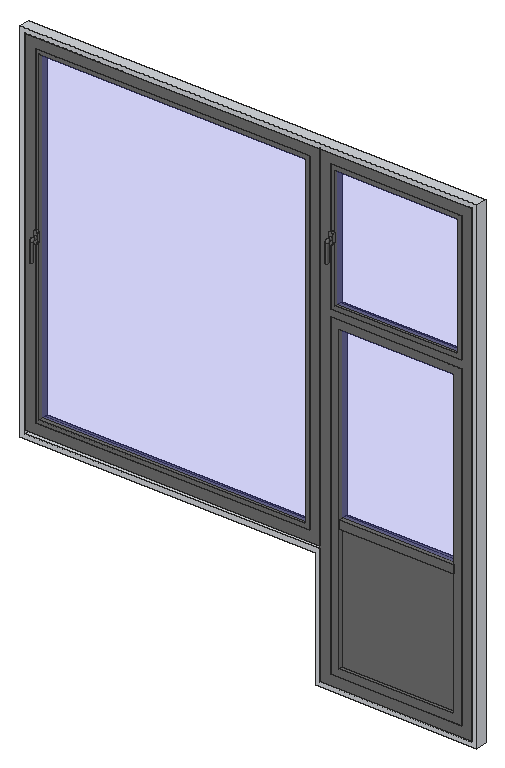
Revit family "AVLN_Балконный блок_Левый_Одностворчатый", category Окна, Revit 2021
Family settings
  Основа = Стена
  Номер OmniClass = 23.30.20.00
  Заголовок OmniClass = Windows
  Всегда вертикально = Да
  При загрузке вырезать с полостями = Нет
  Общий = Нет
  Точка принадлежности помещению = Нет
Parameters (values of type "Для копирования")
  Ширина среднействорки = 400 mm
  Ширина рамы = 70 mm
  Четверть окна снизу = 50 mm
  Фрамуга_Высота = Height - (Дверь_Высота + Монтажный зазор * 2 + Ширина рамы * 2 + Ширина импоста)  # 850 mm
  Толщина основы [instance] = 200 mm
  Отступ.доп.части_Н = Ширина окна + Ширина импоста  # 1850 mm
  Отступ.доп.части_В = Ширина окна + Ширина импоста + Монтажный зазор  # 1880 mm
  Открывание фрамуга = АВЛН_Створка открывная : Створка повороно-откидная правая
  Открывание окно = АВЛН_Створка открывная : Створка повороно-откидная правая
  Ипост высота = 900 mm
  Ширина рамы двери = 50 mm
  Дверь_Ширина = Width - (Ширина окна + Монтажный зазор * 2 + Ширина рамы * 4)  # 860 mm
  Дверь.Открывание.Право = yes
  Дверь.Открывание.Лево = not(Дверь.Открывание.Право)  # no
  Откос_Н.Ширина = ADSK_Размер_Ширина - 2 * [Четверть слева/справа]  # 2900 mm
  Откос_Н.Толщина.8 = 32 mm
  Откос_Н.Толщина.7 = 28 mm
  Откос_Н.Толщина.6 = 24 mm
  Откос_Н.Толщина.5 = 20 mm
  Откос_Н.Толщина.4 = 16 mm
  Откос_Н.Толщина.3 = 12 mm
  Откос_Н.Толщина.2 = 8 mm
  Откос_Н.Толщина.1 = 4 mm
  Откос_Н.Отступ_П = ADSK_Размер_Высота - (Монтажный зазор + 2 * Ширина рамы + Высота окна)  # 830 mm
  Откос_Н.Отступ_Л = Монтажный зазор  # 30 mm
  Откос_Н.Отступ от уровня = Монтажный зазор  # 30 mm
  Откос_Н.Количество слоев = 0
  Откос_Н.Глубина = 150 mm  # constant formula
  Откос_Н.Высота = ADSK_Размер_Высота - Черверть верх  # 3150 mm
  Откос_В.Толщина.8 = 32 mm
  Откос_В.Толщина.7 = 28 mm
  Откос_В.Толщина.6 = 24 mm
  Откос_В.Толщина.5 = 20 mm
  Откос_В.Толщина.4 = 16 mm
  Откос_В.Толщина.3 = 12 mm
  Откос_В.Толщина.2 = 8 mm
  Откос_В.Толщина.1 = 4 mm
  Откос_В.Количество слоев = 0
  Откос_В.Глубина = 130 mm
  Откос.Отступ_П [instance] = ADSK_Размер_Высота - (Монтажный зазор + 2 * Ширина рамы + Высота окна)  # 830 mm
  Откос.Отступ_Л [instance] = 0 mm
  Дверь.Откидывание = yes
  М.Подоконник = none
  М.Откос_Н.8 = none
  М.Откос_Н.7 = none
  М.Откос_Н.6 = none
  М.Откос_Н.5 = none
  М.Откос_Н.4 = none
  М.Откос_Н.3 = none
  М.Откос_Н.2 = none
  М.Откос_Н.1 = Штукатурка наружных откосов
  М.Откос_В.8 = none
  М.Откос_В.7 = none
  М.Откос_В.6 = none
  М.Откос_В.5 = none
  М.Откос_В.4 = none
  М.Откос_В.3 = none
  М.Откос_В.2 = none
  М.Откос_В.1 = Штукатурка внутренних откосов
  Type Comments = ""
  Дверь_Высота = 2100 mm
  Дверь заполнение = АВЛН_Дверь балконная : Глухое заполнение снизу
  Высота установки ручки.Окно = 750 mm
  Высота установки ручки.Дверь = 900 mm
  Высота окна = 2200 mm
  Ширина окна = 1800 mm
  Ширина импоста = 50 mm
  Четверть низ = 0 mm  # constant formula
  Четверть слева/справа = 50 mm
  Черверть верх = 50 mm
  Створка_толщина = 25 mm  # constant formula
  Rough Width = Width - Монтажный зазор * 2  # 2940 mm
  Rough Height = Height - Монтажный зазор * 2  # 3140 mm
  Подстановочный профиль_Ширина = 20 mm  # constant formula
  Подстановочный профиль_Толщина = 50 mm
  Подоконник_Толщина = 20 mm
  Подоконник_Длина = Ширина окна + Ширина рамы * 2 + Монтажный зазор  # 1970 mm
  Подоконник_Глубина = 190 mm
  Подоконник = no
  Глубина вставки = 0 mm
  Отлив_Толщина = 1 mm  # constant formula
  Отлив_Длина = (Ширина окна + Ширина рамы * 2 + Монтажный зазор) - [Четверть слева/справа]  # 1920 mm
  Отлив_Глубина = 200 mm
  Отлив = no
  Монтажный зазор = 30 mm
  М.Монтажного зазора = none
  М.Стекла = Стекло
  М.Рамы = AVLN_Материал импоста_RAL 7024
  М.Подоконный профиль = Рама
  Height = 3200 mm
  Высота подоконника по умолчанию = 0 mm
  Замыкание стены = По основе
  Width = 3000 mm
  Аналитическая конструкция = "<Нет>"
  АВЛН_Площаль откосов наружных = (ADSK_Размер_Высота * 2 + ADSK_Размер_Ширина) * 150 mm  # 1.41 m²
  АВЛН_Площаль откосов внутренних = (ADSK_Размер_Высота * 2 + ADSK_Размер_Ширина) * 180 mm  # 1.692 m²
  ADSK_Этаж [instance] = ""
  ADSK_Размер_Ширина = Width  # 3000 mm
  ADSK_Размер_Высота = Height  # 3200 mm
  ADSK_Примечание [instance] = ""
  ADSK_Площадь = ((Ширина окна + Ширина рамы * 2 + Монтажный зазор) * (Высота окна + Ширина рамы * 2 + Монтажный зазор * 2 + Подоконник_Толщина)) + ((Монтажный зазор + Дверь_Ширина + Ширина рамы * 2) * (Height))  # 8.0634 m²
  ADSK_Обозначение = ""
  ADSK_Номер секции [instance] = ""
  ADSK_Наименование = ""
  ADSK_Марка = ""
  ADSK_Группирование = ""
  30/90 = yes
  -----------Разрезка----------- = "-----------"  # constant formula
  -----------Профили----------- = "-----------"  # constant formula
  -----------Подоконник----------- = "-----------"  # constant formula
  -----------Отлив----------- = "-----------"  # constant formula
  -----------Откос----------- = "-----------"  # constant formula
  -----------Основные габариты----------- = "-----------"  # constant formula
  -----------Вставка----------- = "-----------"  # constant formula
Reference planes
  plane 1 "По центру (Вперед/Назад)": y = 0
  plane 2 "По центру (Влево/Вправо)": x = 0
  plane 3 "Наружный": y = 100
  plane 4 "Внутренние": y = -100
  plane 5 "Глубина вставки": y = 100
  plane 6: y = 400
  plane 7: y = -400
  plane 8 "Внутренняя граница": y = 30
  plane 9 "336": x = 1250
  plane 10 "337": x = -1750
  plane 11 "338": z = 0
  plane 12 "339": z = 3200
  plane 13: x = -1720
  plane 14: z = 3170
  plane 15: x = 1220
  plane 16: z = 30
  plane 17: x = -1700
  plane 18: x = 1200
  plane 19: z = 1150
  plane 20: z = 3150
  plane 21 "340": z = 0
  plane 22: z = 3100
  plane 23: z = 900
  plane 24: z = 810
  plane 25 "342": z = 780
  plane 26: x = -1650
  plane 27: x = 240
  plane 28: z = 830
  plane 29: x = 290
  plane 30: x = 220
  plane 31: x = 190
  plane 32: x = 240
  plane 33 "343": x = 1150
  plane 34: x = -750
  plane 35: z = 2000
  plane 36: x = 720
  plane 37: z = 2200
  plane 38: z = 100
  plane 39: z = 2250
  plane 40: z = 2675
  plane 41: x = 150
  plane 42: z = 830
Forms (mm)
  Extrusion 1, void
    sketch origin (0, 100, 0) x (1, 0, 0) y (0, 0, 1)
      loop
        line (1250, 3200) -> (-1750, 3200) -> (-1750, 780) -> (220, 780) -> (220, 0) -> (1250, 0) -> (1250, 3200)
    from 0 to 500
  Extrusion 2, void
    sketch origin (0, 100, 0) x (-1, 0, 0) y (0, 0, -1)
      loop
        line (1700, -3150) -> (1700, -830) -> (-240, -830) -> (-240, 0) -> (-1200, 0) -> (-1200, -3150) -> (1700, -3150)
    from -300 to 0
  Extrusion 3, solid, material "AVLN_Материал импоста_RAL 7024" <- "М.Рамы", detail levels medium+fine
    sketch origin (0, 100, 0) x (-1, 0, 0) y (0, 0, -1)
      loop
        line (-220, -30) -> (-1220, -30) -> (-1220, -3170) -> (-220, -3170) -> (-220, -30)
      loop
        line (-1150, -100) -> (-1150, -2200) -> (-290, -2200) -> (-290, -100) -> (-1150, -100)
      loop
        line (-290, -3100) -> (-290, -2250) -> (-1150, -2250) -> (-1150, -3100) -> (-290, -3100)
    from 0 to 70
  Extrusion 4, solid, material <- "М.Монтажного зазора", detail levels medium+fine
    sketch origin (0, -100, 0) x (-1, 0, 0) y (0, 0, -1)
      loop
        line (-1250, 0) -> (-1250, -3200) -> (1750, -3200) -> (1750, -780) -> (-190, -780) -> (-190, 0) -> (-1250, 0)
      loop
        line (1720, -3170) -> (1720, -810) -> (-220, -810) -> (-220, -30) -> (-1220, -30) -> (-1220, -3170) -> (1720, -3170)
    from -200 to -130
  Extrusion 5, solid, material "AVLN_Материал импоста_RAL 7024" <- "М.Рамы", detail levels medium+fine
    sketch origin (0, 100, 0) x (-1, 0, 0) y (0, 0, 1)
      loop
        line (1720, 830) -> (1720, 3170) -> (-220, 3170) -> (-220, 830) -> (1720, 830)
      loop
        line (-150, 3100) -> (-150, 900) -> (1650, 900) -> (1650, 3100) -> (-150, 3100)
    from -70 to 0
Cuts and joins
  Extrusion 2 cuts Extrusion 3
  Extrusion 2 cuts Extrusion 4
  Extrusion 2 cuts Extrusion 5
Lines and regions (mm)
  reference lines
    curve 1: line (1250, -100, 2225) -> (240, -100, 2225)
    curve 2: line (1250, -100, 900) -> (240, -100, 900)
Text (mm)
  text "EXTERIOR" at (-1963.203, 1332.353, 0), in view "Опорный уровень"
  text "INTERIOR" at (-1981.466, -818.386, 0), in view "Опорный уровень"
  text "Наружный" at (0, 923.751, 2943.296), in view "Справа"
  text "Наружный" at (0, 1240.237, 2685.409), in view "Слева"
Dimensions and locks
  locked: plane 3 "Наружный" to host wall at 0
  locked: plane 4 "Внутренние" to host wall
  "Глубина вставки": plane 5 "Глубина вставки" to plane 3 "Наружный"
  locked: plane 3 "Наружный" to plane 6 at 300
  locked: plane 7 to plane 4 "Внутренние" at 300
  "Ширина рамы": plane 5 "Глубина вставки" to plane 8 "Внутренняя граница"
  "Толщина основы": host wall to host wall
  plane 9 "336" to plane 10 "337" = 3000 mm
  "Width": plane 9 "336" to plane 10 "337"
  "Height": plane 11 "338" to plane 12 "339"
  "Монтажный зазор": plane 13 to plane 10 "337"
  "Монтажный зазор": plane 9 "336" to plane 15
  "Монтажный зазор": plane 14 to plane 12 "339"
  "Монтажный зазор": plane 11 "338" to plane 16
  "Четверть слева/справа": plane 17 to plane 10 "337"
  "Четверть слева/справа": plane 9 "336" to plane 18
  "Черверть верх": plane 20 to plane 12 "339"
  "Ширина рамы": plane 22 to plane 14
  "Высота окна": plane 23 to plane 22
  "Ширина рамы": plane 26 to plane 13
  "Ширина импоста": plane 29 to plane 27
  "Монтажный зазор": plane 30 to plane 31
  "Ширина рамы": plane 29 to plane 30
  "Четверть слева/справа": plane 32 to plane 31
  "Ширина рамы": plane 15 to plane 33 "343"
  equal spacing: plane 41, plane 34, plane 26
  equal spacing: plane 22, plane 35, plane 23
  equal spacing: plane 33 "343", plane 36, plane 29
  equal spacing: plane 37, plane 19, plane 38
  "Ширина рамы": plane 38 to plane 16
  "Ширина импоста": plane 39 to plane 37
  equal spacing: plane 39, curve 1, plane 37
  equal spacing: plane 22, plane 40, plane 39
  "Ширина окна": plane 41 to plane 26
  "Дверь_Высота": plane 37 to plane 38
  "Ширина рамы": plane 30 to plane 41
  plane 1 "По центру (Вперед/Назад)" to plane 5 "Глубина вставки" = 100 mm
  "Ширина рамы": nested 3 to plane 8 "Внутренняя граница"
  "Четверть окна снизу": plane 42 to plane 25 "342"
  "Монтажный зазор": plane 24 to plane 25 "342"
  "Подоконник_Толщина": plane 28 to plane 24
  "Ширина рамы": plane 23 to plane 28
  aligned and locked: plane 5 "Глубина вставки" to Extrusion 1
  aligned and locked: Extrusion 1 to plane 7
  aligned and locked: plane 17 to Extrusion 2 sketch curve
  aligned and locked: Extrusion 2 sketch curve to plane 18
  aligned and locked: Extrusion 2 sketch curve to plane 20
  aligned and locked: Extrusion 2 sketch curve to plane 21 "340"
  aligned and locked: plane 10 "337" to nested 1
  aligned and locked: plane 32 to Extrusion 2 sketch curve
  aligned and locked: Extrusion 3 sketch curve to plane 30
  aligned and locked: plane 16 to Extrusion 3 sketch curve
  aligned and locked: Extrusion 3 sketch curve to plane 15
  aligned and locked: plane 14 to Extrusion 3 sketch curve
  aligned and locked: Extrusion 3 sketch curve to plane 29
  aligned and locked: nested 1 to Extrusion 3
  aligned and locked: Extrusion 4 sketch curve to plane 9 "336"
  aligned and locked: plane 21 "340" to Extrusion 4 sketch curve
  aligned and locked: Extrusion 4 sketch curve to plane 31
  aligned and locked: plane 25 "342" to Extrusion 4 sketch curve
  aligned and locked: plane 10 "337" to Extrusion 4 sketch curve
  aligned and locked: plane 12 "339" to Extrusion 4 sketch curve
  aligned and locked: Extrusion 4 sketch curve to plane 14
  aligned and locked: Extrusion 4 sketch curve to plane 15
  aligned and locked: Extrusion 4 sketch curve to plane 16
  aligned and locked: Extrusion 4 sketch curve to plane 30
  aligned and locked: plane 13 to Extrusion 4 sketch curve
  aligned and locked: plane 33 "343" to Extrusion 3
  aligned and locked: plane 38 to Extrusion 3
  aligned and locked: curve 1 to plane 9 "336"
  aligned and locked: curve 1 to plane 27
  aligned and locked: nested 5 to plane 15
  aligned and locked: nested 4 to plane 32
  aligned and locked: plane 14 to Extrusion 5 sketch curve
  aligned and locked: plane 30 to Extrusion 5 sketch curve
  aligned and locked: Extrusion 5 sketch curve to plane 13
  aligned and locked: Extrusion 5 sketch curve to plane 23
  aligned and locked: Extrusion 5 sketch curve to plane 26
  aligned and locked: plane 22 to Extrusion 5 sketch curve
  aligned and locked: plane 41 to Extrusion 5 sketch curve
  aligned and locked: plane 23 to curve 2
  aligned and locked: nested 6 to plane 28
  aligned and locked: nested 6 to plane 17
  aligned and locked: Extrusion 1 sketch curve to plane 25 "342"
  aligned and locked: Extrusion 1 sketch curve to plane 10 "337"
  aligned and locked: Extrusion 1 sketch curve to plane 12 "339"
  aligned and locked: plane 9 "336" to Extrusion 1 sketch curve
  aligned and locked: plane 21 "340" to Extrusion 1 sketch curve
  aligned and locked: Extrusion 1 sketch curve to plane 30
  aligned and locked: nested 8 to plane 19
  aligned and locked: nested 8 to plane 36
  aligned and locked: plane 35 to nested 7
  aligned and locked: nested 7 to plane 34
  aligned and locked: plane 40 to nested 9
  aligned and locked: nested 9 to plane 36
  aligned and locked: Extrusion 1 to nested 3
  aligned and locked: Extrusion 2 to plane 5 "Глубина вставки"
  aligned and locked: plane 5 "Глубина вставки" to cut or joined group of Extrusion 2, Extrusion 4
  aligned and locked: cut or joined group of Extrusion 2, Extrusion 4 to plane 8 "Внутренняя граница"
  aligned and locked: cut or joined group of Extrusion 2, Extrusion 3 to plane 8 "Внутренняя граница"
  aligned and locked: plane 5 "Глубина вставки" to cut or joined group of Extrusion 2, Extrusion 3
  aligned and locked: plane 8 "Внутренняя граница" to nested 4
  aligned and locked: nested 5 to plane 8 "Внутренняя граница"
  aligned and locked: Extrusion 2 sketch curve to plane 42
  aligned and locked: Extrusion 5 sketch curve to plane 28
  aligned and locked: plane 24 to Extrusion 4 sketch curve
Automatic sketch dimensions
  curve 2 to plane 27 = 0 mm
  curve 2 to plane 9 "336" = 0 mm
  Extrusion 3 sketch curve to plane 33 "343" = 0 mm  (x2)
  Extrusion 3 sketch curve to plane 29 = 0 mm
  plane 37 to curve 1 = 25 mm
  Extrusion 3 sketch curve to plane 38 = 0 mm
  Extrusion 3 sketch curve to plane 37 = 0 mm
  Extrusion 3 sketch curve to plane 39 = 0 mm
  Extrusion 3 sketch curve to plane 22 = 0 mm
Nested families
  nested 1: "Подоконник" at (-765, 30, 780) x (-1, 0, 0) z (0, 0, 1), Глубина подоконника <- "Подоконник_Глубина", Длина отлива <- "Подоконник_Длина", ТП <- "Подоконник_Толщина", Ш_МЗЗ <- "Монтажный зазор", Ш_ПП <- "Подстановочный профиль_Ширина", ADSK_Группирование <- "ADSK_Группирование", ADSK_Номер секции <- "ADSK_Номер секции", ADSK_Этаж <- "ADSK_Этаж", visible <- "Подоконник", М <- "М.Подоконник", type "Подоконник"
    with Ш_ПП 20 mm, Ш_МЗЗ 30 mm, ТП 20 mm, М none, Длина отлива 1970 mm, Глубина подоконника 190 mm, ADSK_Этаж "", ADSK_Примечание "", ADSK_Обозначение "", ADSK_Номер секции "", ADSK_Наименование "", ADSK_Марка "", ADSK_Группирование ""
  nested 2: "AVLN_Откосы_R19" at (0, -100, 0), Ширина <- "ADSK_Размер_Ширина", Глубина <- "Откос_В.Глубина", Высота <- "ADSK_Размер_Высота", Высота от уровня <- "Высота подоконника по умолчанию", ADSK_Группирование <- "Type Comments", ADSK_Этаж <- "ADSK_Этаж", ADSK_Номер секции <- "ADSK_Номер секции", Материал_1 <- "М.Откос_В.1", Материал_2 <- "М.Откос_В.2", Материал_3 <- "М.Откос_В.3", Материал_4 <- "М.Откос_В.4", Материал_5 <- "М.Откос_В.5", Материал_6 <- "М.Откос_В.6", Материал_7 <- "М.Откос_В.7", Материал_8 <- "М.Откос_В.8", Толщина_1 <- "Откос_В.Толщина.1", Толщина_2 <- "Откос_В.Толщина.2", Толщина_3 <- "Откос_В.Толщина.3", Толщина_4 <- "Откос_В.Толщина.4", Толщина_5 <- "Откос_В.Толщина.5", Толщина_6 <- "Откос_В.Толщина.6", Толщина_7 <- "Откос_В.Толщина.7", Толщина_8 <- "Откос_В.Толщина.8", Количество слоев <- "Откос_В.Количество слоев", Отступ_Л <- "Откос.Отступ_П", Отступ_П <- "Откос.Отступ_Л", Отступ.доп.части <- "Отступ.доп.части_В", type "AVLN_Откосы_R19"
    with Ширина_8 2776 mm, Ширина_7 2832 mm, Ширина_6 2880 mm, Ширина_5 2920 mm, Ширина_4 2952 mm, Ширина_3 2976 mm, Ширина_2 2992 mm, Ширина 3000 mm, Толщина_8 32 mm, Толщина_7 28 mm, Толщина_6 24 mm, Толщина_5 20 mm, Толщина_4 16 mm, Толщина_3 12 mm, Толщина_2 8 mm, Толщина_1 4 mm, Отступ_П 0 mm, Отступ_Л 830 mm, Отступ.доп.части 1880 mm, Материал_8 none, Материал_7 none, Материал_6 none, Материал_5 none, Материал_4 none, Материал_3 none, Материал_2 none, Материал_1 Штукатурка внутренних откосов, Количество слоев 0, Глубина 130 mm, Высота_8 3088 mm, Высота_7 3116 mm, Высота_6 3140 mm, Высота_5 3160 mm, Высота_4 3176 mm, Высота_3 3188 mm, Высота_2 3196 mm, Высота.доп.части 0 mm, Высота от уровня 0 mm, Высота 3200 mm, Видимость_8 no, Видимость_7 no, Видимость_6 no, Видимость_5 no, Видимость_4 no, Видимость_3 no, Видимость_2 no, Видимость_1 no, Видимость.доп.части yes, ВД.8 no, ВД.7 no, ВД.6 no, ВД.5 no, ВД.4 no, ВД.3 no, ВД.2 no, ВД.1 no, ADSK_Этаж "", ADSK_Номер секции "", ADSK_Группирование ""
  nested 3: "AVLN_Откосы_R19" at (0, 100, 0), Ширина <- "Откос_Н.Ширина", Глубина <- "Откос_Н.Глубина", Высота <- "Откос_Н.Высота", Высота от уровня <- "Откос_Н.Отступ от уровня", ADSK_Группирование <- "Type Comments", ADSK_Этаж <- "ADSK_Этаж", ADSK_Номер секции <- "ADSK_Номер секции", Материал_1 <- "М.Откос_Н.1", Материал_2 <- "М.Откос_Н.2", Материал_3 <- "М.Откос_Н.3", Материал_4 <- "М.Откос_Н.4", Материал_5 <- "М.Откос_Н.5", Материал_6 <- "М.Откос_Н.6", Материал_7 <- "М.Откос_Н.7", Материал_8 <- "М.Откос_Н.8", Толщина_1 <- "Откос_Н.Толщина.1", Толщина_2 <- "Откос_Н.Толщина.2", Толщина_3 <- "Откос_Н.Толщина.3", Толщина_4 <- "Откос_Н.Толщина.4", Толщина_5 <- "Откос_Н.Толщина.5", Толщина_6 <- "Откос_Н.Толщина.6", Толщина_7 <- "Откос_Н.Толщина.7", Толщина_8 <- "Откос_Н.Толщина.8", Количество слоев <- "Откос_Н.Количество слоев", Отступ_Л <- "Откос_Н.Отступ_П", Отступ_П <- "Откос_Н.Отступ_Л", Отступ.доп.части <- "Отступ.доп.части_Н", type "AVLN_Откосы_R19"
    with Ширина_8 2676 mm, Ширина_7 2732 mm, Ширина_6 2780 mm, Ширина_5 2820 mm, Ширина_4 2852 mm, Ширина_3 2876 mm, Ширина_2 2892 mm, Ширина 2900 mm, Толщина_8 32 mm, Толщина_7 28 mm, Толщина_6 24 mm, Толщина_5 20 mm, Толщина_4 16 mm, Толщина_3 12 mm, Толщина_2 8 mm, Толщина_1 4 mm, Отступ_П 30 mm, Отступ_Л 830 mm, Отступ.доп.части 1850 mm, Материал_8 none, Материал_7 none, Материал_6 none, Материал_5 none, Материал_4 none, Материал_3 none, Материал_2 none, Материал_1 Штукатурка наружных откосов, Количество слоев 0, Глубина 150 mm, Высота_8 3038 mm, Высота_7 3066 mm, Высота_6 3090 mm, Высота_5 3110 mm, Высота_4 3126 mm, Высота_3 3138 mm, Высота_2 3146 mm, Высота.доп.части 0 mm, Высота от уровня 30 mm, Высота 3150 mm, Видимость_8 no, Видимость_7 no, Видимость_6 no, Видимость_5 no, Видимость_4 no, Видимость_3 no, Видимость_2 no, Видимость_1 no, Видимость.доп.части yes, ВД.8 no, ВД.7 no, ВД.6 no, ВД.5 no, ВД.4 no, ВД.3 no, ВД.2 no, ВД.1 no, ADSK_Этаж "", ADSK_Номер секции "", ADSK_Группирование ""
  nested 4: "АС-Обозначение на плане двупольная" at (240, 30, 0) x (-1, 0, 0) z (0, 0, 1), Коробка.Толщина <- "Ширина рамы", Коробка.Ширина <- "Ширина импоста", Rough Width <- "Дверь_Ширина", Height <- "ADSK_Размер_Высота", visible <- "Дверь.Открывание.Лево", type "АС-Стандарт", detail levels medium+fine
    with Width 911 mm, built-in parameter 1001302 50 mm, Rough Width 860 mm, Монтажный зазор.Ширина сбоку 1 mm, Коробка.Ширина 50 mm, Коробка.Толщина 70 mm, Height 3200 mm
  nested 5: "АС-Обозначение на плане двупольная" at (1220, 30, 0), Коробка.Толщина <- "Ширина рамы", Коробка.Ширина <- "Ширина импоста", Rough Width <- "Дверь_Ширина", Height <- "ADSK_Размер_Высота", visible <- "Дверь.Открывание.Право", type "АС-Стандарт", detail levels medium+fine
    with Width 911 mm, built-in parameter 1001302 50 mm, Rough Width 860 mm, Монтажный зазор.Ширина сбоку 1 mm, Коробка.Ширина 50 mm, Коробка.Толщина 70 mm, Height 3200 mm
  nested 6: "Отлив" at (-740, 100, 800), Длина отлива <- "Отлив_Длина", Глубина отлива <- "Отлив_Глубина", ТО <- "Отлив_Толщина", Ш_МЗЗ <- "Монтажный зазор", Ш_ПП <- "Подстановочный профиль_Толщина", visible <- "Отлив", type "Отлив"
    with Ш_ПП 50 mm, Ш_МЗЗ 30 mm, ТО 1 mm, М none, Длина отлива 1920 mm, Глубина отлива 200 mm, ADSK_Этаж "", ADSK_Примечание "", ADSK_Обозначение "", ADSK_Номер секции "", ADSK_Наименование "", ADSK_Марка "", ADSK_Группирование ""
  nested 7: "АВЛН_Створка открывная" at (-750, 30, 2000) x (1, 0, 0) z (0, 1, 0), Створка высота <- "Высота окна", Створка ширина <- "Ширина окна", Ширина рамы <- "Створка_толщина", type <- "Открывание окно", Материал_Рама <- "М.Рамы", Материал_Ручки <- "М.Рамы", Материал_Стеклопакет <- "М.Стекла", type "Створка повороно-откидная правая", detail levels medium+fine
    with Ширина рамы 25 mm, Створка ширина 1800 mm, Створка высота 2200 mm, Материал_Стеклопакет Стекло, Материал_Ручки AVLN_Материал импоста_RAL 7024, Материал_Рама AVLN_Материал импоста_RAL 7024
  nested 8: "АВЛН_Дверь балконная" at (720, 100, 1150) x (1, 0, 0) z (0, -1, 0), Дверь высота <- "Дверь_Высота", Дверь ширина <- "Дверь_Ширина", Ручка высота <- "Высота установки ручки.Дверь", Импост высота <- "Ипост высота", Импост ширина <- "Ширина импоста", Корбка толщина <- "Ширина рамы двери", type <- "Дверь заполнение", Правая <- "Дверь.Открывание.Право", Левая <- "Дверь.Открывание.Лево", Откидная <- "Дверь.Откидывание", М.ПП <- "М.Рамы", М.Р <- "М.Рамы", М.С <- "М.Стекла", type "Глухое заполнение снизу", detail levels medium+fine
    with Ручка высота 900 mm, Правая yes, Откидная yes, М.С Стекло, М.Р AVLN_Материал импоста_RAL 7024, М.ПП AVLN_Материал импоста_RAL 7024, Левая no, Корбка толщина 50 mm, Импост ширина 50 mm, Импост высота 900 mm, Дверь ширина 860 mm, Дверь высота 2100 mm, Width 860 mm
  nested 9: "АВЛН_Створка открывная" at (720, 30, 2675) x (1, 0, 0) z (0, 1, 0), Створка высота <- "Фрамуга_Высота", Створка ширина <- "Дверь_Ширина", Ширина рамы <- "Створка_толщина", type <- "Открывание фрамуга", Материал_Рама <- "М.Рамы", Материал_Стеклопакет <- "М.Стекла", Материал_Ручки <- "М.Рамы", type "Створка повороно-откидная правая", detail levels medium+fine
    with Ширина рамы 25 mm, Створка ширина 860 mm, Створка высота 850 mm, Материал_Стеклопакет Стекло, Материал_Ручки AVLN_Материал импоста_RAL 7024, Материал_Рама AVLN_Материал импоста_RAL 7024
Definition of nested family "Подоконник"
  Parameters (values of type "Подоконник")
    Ш_ПП [instance] = 50 mm
    Ш_МЗЗ [instance] = 35 mm
    ТП [instance] = 20 mm
    Default Elevation = 1219.2 mm
    М [instance] = none
    Длина отлива [instance] = 1560 mm
    Глубина подоконника [instance] = 280 mm
    ADSK_Этаж [instance] = ""
    ADSK_Примечание [instance] = ""
    ADSK_Обозначение [instance] = ""
    ADSK_Номер секции [instance] = ""
    ADSK_Наименование [instance] = ""
    ADSK_Марка [instance] = ""
    ADSK_Группирование [instance] = ""
  Reference planes
    plane 1 "По центру (Вперед/Назад)": y = 0
    plane 2: z = 0
    plane 3 "По центру (Влево/Вправо)": x = 0
    plane 4: y = -280
    plane 5: x = -780
    plane 6: x = 780
    plane 7: z = 35
    plane 8: z = 85
    plane 9: y = -20
    plane 10: y = -290
    plane 11: y = -310
    plane 12: z = -35
    plane 13: z = 15
    plane 14: z = 65
  Forms (mm)
    Extrusion 1, solid, material <- "М"
      sketch origin (0, 0, 0) x (0, 1, 0) y (0, 0, 1)
        loop
          line (0, 85) -> (-310, 85) -> (-310, 0) -> (-290, 0) -> (-290, 65) -> (0, 65) -> (0, 85)
      from -780 to 780
  Dimensions and locks
    equal spacing: plane 5, plane 3 "По центру (Влево/Вправо)", plane 6
    "Длина отлива": plane 5 to plane 6
    "Глубина подоконника": plane 4 to plane 1 "По центру (Вперед/Назад)"
    "Ш_МЗЗ": plane 7 to level
    "Ш_ПП": plane 8 to plane 7
    "ТП": plane 1 "По центру (Вперед/Назад)" to plane 9
    "ТП": plane 10 to plane 11
    locked: level to plane 12 at 35
    "ТП": plane 7 to plane 13
    locked: plane 4 to plane 10 at 10
    "ТП": plane 8 to plane 14
    aligned and locked: level to plane 2
    aligned and locked: plane 8 to Extrusion 1 sketch curve
    aligned and locked: plane 1 "По центру (Вперед/Назад)" to Extrusion 1 sketch curve
    aligned and locked: plane 10 to Extrusion 1 sketch curve
    aligned and locked: plane 11 to Extrusion 1 sketch curve
    aligned and locked: level to Extrusion 1 sketch curve
    aligned and locked: plane 14 to Extrusion 1 sketch curve
    aligned and locked: Extrusion 1 to plane 5
    aligned and locked: plane 6 to Extrusion 1
Definition of nested family "Отлив"
  Parameters (values of type "Отлив")
    Ш_ПП [instance] = 50 mm
    Ш_МЗЗ [instance] = 35 mm
    ТО [instance] = 1 mm
    Default Elevation = 1219.2 mm
    М [instance] = none
    Длина отлива [instance] = 1560 mm
    Глубина отлива [instance] = 280 mm
    ADSK_Этаж [instance] = ""
    ADSK_Примечание [instance] = ""
    ADSK_Обозначение [instance] = ""
    ADSK_Номер секции [instance] = ""
    ADSK_Наименование [instance] = ""
    ADSK_Марка [instance] = ""
    ADSK_Группирование [instance] = ""
  Reference planes
    plane 1 "По центру (Вперед/Назад)": y = 0
    plane 2: z = 0
    plane 3 "По центру (Влево/Вправо)": x = 0
    plane 4: y = -280
    plane 5: x = -780
    plane 6: x = 780
    plane 7: z = 35
    plane 8: z = 85
    plane 9: y = -1
    plane 10: y = -300
    plane 11: y = -301
    plane 12: z = -35
    plane 13: z = 34
  Forms (mm)
    Extrusion 1, solid, material <- "М"
      sketch origin (0, 0, 0) x (0, 1, 0) y (0, 0, 1)
        loop
          line (0, 85) -> (-1, 85) -> (-1, 34.893) -> (-301, 0.893) -> (-301, -35) -> (-300, -35) -> (-300, 0) -> (0, 34) -> (0, 85)
      from -780 to 780
  Dimensions and locks
    equal spacing: plane 5, plane 3 "По центру (Влево/Вправо)", plane 6
    "Длина отлива": plane 5 to plane 6
    "Глубина отлива": plane 4 to plane 1 "По центру (Вперед/Назад)"
    "Ш_МЗЗ": plane 7 to level
    "Ш_ПП": plane 8 to plane 7
    "ТО": plane 1 "По центру (Вперед/Назад)" to plane 9
    "ТО": plane 10 to plane 11
    locked: level to plane 12 at 35
    "ТО": plane 7 to plane 13
    "ТО": Extrusion 1 sketch curve to Extrusion 1 sketch curve
    locked: plane 4 to plane 10 at 20
    aligned and locked: level to plane 2
    aligned and locked: plane 8 to Extrusion 1 sketch curve
    aligned and locked: plane 9 to Extrusion 1 sketch curve
    aligned and locked: plane 11 to Extrusion 1 sketch curve
    aligned and locked: plane 12 to Extrusion 1 sketch curve
    aligned and locked: plane 1 "По центру (Вперед/Назад)" to Extrusion 1 sketch curve  (x2)
    aligned and locked: plane 13 to Extrusion 1 sketch curve
    aligned and locked: level to Extrusion 1 sketch curve
    aligned and locked: plane 10 to Extrusion 1 sketch curve
    aligned and locked: plane 6 to Extrusion 1
    aligned and locked: Extrusion 1 to plane 5
Definition of nested family "АВЛН_Створка открывная"
  Parameters (values of type "Створка повороно-откидная правая")
    Ширина рамы [instance] = 50 mm
    Width = 600 mm
    Створка ширина [instance] = 800 mm
    Створка высота [instance] = 700 mm
    Материал_Стеклопакет [instance] = none
    Поворотная Правая = yes
    Поворотная Левая = no
    Default Elevation = 1219.2 mm
    Открываная = yes
    Откидная = yes
    Материал_Ручки [instance] = none
    Материал_Рама [instance] = none
    Левая = yes
    Глухое = no
    Height = 1150 mm
    Analytic Construction = "<Нет>"
  Types (6, lengths in mm): name | Width | Поворотная Правая | Поворотная Левая | Открываная | Откидная | Глухое | Height
    Створка повороно-откидная правая | 600 | yes | no | yes | yes | no | 1150
    Створка повороно-откидная левая | 600 | no | yes | yes | yes | no | 1150
    Створка глухая | 600 | no | no | no | no | yes | 1150
    Створка откидная | 1300 | no | no | yes | yes | no | 1700
    Створка поворотная правая | 600 | yes | no | yes | no | no | 1150
    Створка поворотная левая | 600 | no | yes | yes | no | no | 1150
  Reference planes
    plane 1 "По центру (Вперед/Назад)": y = 0
    plane 2 "Внутрення грань": z = 0
    plane 3 "По центру (Влево/Вправо)": x = 0
    plane 4: y = 350
    plane 5: x = 400
    plane 6: y = -350
    plane 7: x = -400
    plane 8 "Наружняя грань": z = 60.433
    plane 9 "По центру Л/Р": z = 30.216
  Forms (mm)
    Extrusion 1, solid
      sketch origin (0, 0, 0) x (1, 0, 0) y (0, 1, 0)
        loop
          line (-1219.2, 1219.2) -> (-1219.2, -1219.2) -> (1219.2, -1219.2) -> (1219.2, 1219.2) -> (-1219.2, 1219.2)
      from 0 to -304.8
    Sweep 2, solid, material <- "Материал_Рама", visible <- "Открываная"
      path origin (0, 0, 0) x (1, 0, 0) y (0, 1, 0)
        loop
          line (400, 350) -> (-400, 350) -> (-400, -350) -> (400, -350) -> (400, 350)
      profile origin (0, 350, 0) x (0, -1, 0) y (0, 0, 1)
        loop
          line (0, 0) -> (50, 0) -> (50, 60.433) -> (0, 60.433) -> (0, 0)
    Extrusion 3, solid, material <- "Материал_Стеклопакет", visible <- "Открываная"
      sketch origin (0, 0, 0) x (1, 0, 0) y (0, 1, 0)
        loop
          line (-350, 300) -> (-350, -300) -> (350, -300) -> (350, 300) -> (-350, 300)
      from 17.481 to 42.952
    Extrusion 4, solid, material <- "Материал_Стеклопакет", visible <- "Глухое"
      sketch origin (0, 0, 0) x (1, 0, 0) y (0, 1, 0)
        loop
          line (-400, 350) -> (-400, -350) -> (400, -350) -> (400, 350) -> (-400, 350)
      from 17.481 to 42.952
  Lines and regions (mm)
    model lines, visible <- "Глухое", detail levels medium+fine
      curve 1: line (0, 50, 60.433) -> (0, -50, 60.433)
      curve 2: line (50, 0, 60.433) -> (-50, 0, 60.433)
      curve 17: line (0, 50, 0) -> (0, -50, 0)
      curve 18: line (50, 0, 0) -> (-50, 0, 0)
    model lines, visible <- "Глухое", not visible, detail levels medium+fine
      curve 3: line (60, 38.001, 60.433) -> (60, -61.999, 60.433)
      curve 4: line (110, -11.999, 60.433) -> (10, -11.999, 60.433)
    model lines, visible <- "Поворотная Правая", detail levels medium+fine
      curve 5: line (400, 350, 0) -> (-400, 0, 0)
      curve 6: line (400, -350, 0) -> (-400, 0, 0)
      curve 13: line (400, 350, 60.433) -> (-400, 0, 60.433)
      curve 14: line (400, -350, 60.433) -> (-400, 0, 60.433)
    model lines, visible <- "Откидная", detail levels medium+fine
      curve 7: line (-400, -350, 0) -> (0, 350, 0)
      curve 8: line (0, 350, 0) -> (400, -350, 0)
      curve 15: line (-400, -350, 60.433) -> (0, 350, 60.433)
      curve 16: line (0, 350, 60.433) -> (400, -350, 60.433)
    model lines, visible <- "Поворотная Левая", detail levels medium+fine
      curve 9: line (-400, 350, 0) -> (400, 0, 0)
      curve 10: line (-400, -350, 0) -> (400, 0, 0)
      curve 11: line (-400, 350, 60.433) -> (400, 0, 60.433)
      curve 12: line (-400, -350, 60.433) -> (400, 0, 60.433)
  Dimensions and locks
    "Створка высота": plane 4 to plane 6
    "Створка ширина": plane 7 to plane 5
    equal spacing: plane 7, plane 3 "По центру (Влево/Вправо)", plane 5
    equal spacing: plane 6, plane 1 "По центру (Вперед/Назад)", plane 4
    plane 2 "Внутрення грань" to plane 8 "Наружняя грань" = 60.433 mm
    level to Extrusion 4 = 42.952 mm
    plane 8 "Наружняя грань" to level = 60.433 mm
    equal spacing: Extrusion 3, plane 9 "По центру Л/Р", Extrusion 3
    equal spacing: plane 8 "Наружняя грань", plane 9 "По центру Л/Р", level
    Extrusion 3 to Extrusion 3 = 25.471 mm
    "Ширина рамы": profile plane to Sweep 2 sketch curve
    equal spacing: Extrusion 4, plane 9 "По центру Л/Р", Extrusion 4, locked at 12.735 each
    locked: Extrusion 4 to Extrusion 4 at 25.471
    equal spacing: Sweep 2, nested 1, Sweep 2
    equal spacing: Sweep 2, nested 2, Sweep 2
    aligned and locked: plane 2 "Внутрення грань" to Extrusion 1
    aligned and locked: level to Extrusion 1
    aligned and locked: plane 4 to Sweep 2 sketch curve
    aligned and locked: plane 5 to Sweep 2 sketch curve
    aligned and locked: plane 6 to Sweep 2 sketch curve
    aligned and locked: Sweep 2 sketch curve to plane 7
    aligned and locked: Extrusion 3 sketch curve to Sweep 2  (x4)
    aligned and locked: Extrusion 4 sketch curve to Sweep 2  (x3)
    aligned and locked: Extrusion 4 sketch curve to plane 5
    aligned and locked: Sweep 2 sketch curve to plane 8 "Наружняя грань"
    aligned and locked: plane 6 to Extrusion 4
    aligned and locked: plane 4 to Extrusion 4
    aligned and locked: curve 2 to plane 1 "По центру (Вперед/Назад)"
    aligned and locked: curve 1 to plane 3 "По центру (Влево/Вправо)"
    aligned and locked: curve 18 to plane 1 "По центру (Вперед/Назад)"
    aligned and locked: curve 17 to plane 3 "По центру (Влево/Вправо)"
    aligned and locked: nested 2 to plane 1 "По центру (Вперед/Назад)"
    aligned and locked: nested 1 to plane 1 "По центру (Вперед/Назад)"
  Automatic sketch dimensions
    Extrusion 1 sketch curve to Extrusion 1 sketch curve = 2438.4 mm  (x2)
    plane 1 "По центру (Вперед/Назад)" to curve 5 = 0 mm
    curve 5 to plane 7 = 0 mm
    curve 9 to plane 4 = 0 mm
    curve 9 to plane 7 = 0 mm
    plane 6 to curve 7 = 0 mm
    curve 7 to plane 7 = 0 mm
    curve 7 to plane 3 "По центру (Влево/Вправо)" = 0 mm
    curve 6 to plane 5 = 0 mm
    plane 1 "По центру (Вперед/Назад)" to curve 9 = 0 mm
    curve 9 to plane 5 = 0 mm
    curve 5 to plane 4 = 0 mm
    curve 5 to plane 5 = 0 mm
    plane 6 to curve 8 = 0 mm
    curve 8 to plane 4 = 0 mm
    curve 11 to plane 4 = 0 mm
    curve 11 to plane 7 = 0 mm
    plane 6 to curve 15 = 0 mm
    curve 15 to plane 7 = 0 mm
    plane 1 "По центру (Вперед/Назад)" to curve 14 = 0 mm
    curve 14 to plane 7 = 0 mm
    curve 15 to plane 3 "По центру (Влево/Вправо)" = 0 mm
    plane 1 "По центру (Вперед/Назад)" to curve 11 = 0 mm
    curve 11 to plane 5 = 0 mm
    curve 14 to plane 5 = 0 mm
    curve 13 to plane 4 = 0 mm
    curve 13 to plane 5 = 0 mm
    plane 6 to curve 14 = 0 mm
    curve 15 to plane 4 = 0 mm
    plane 1 "По центру (Вперед/Назад)" to curve 2 = 0 mm
    curve 1 to plane 3 "По центру (Влево/Вправо)" = 0 mm
    curve 2 to plane 3 "По центру (Влево/Вправо)" = 50 mm
    plane 3 "По центру (Влево/Вправо)" to curve 2 = 50 mm
    plane 1 "По центру (Вперед/Назад)" to curve 1 = 50 mm
    curve 1 to plane 1 "По центру (Вперед/Назад)" = 50 mm
    curve 18 to curve 17 = 50 mm
    curve 17 to curve 18 = 50 mm
    plane 1 "По центру (Вперед/Назад)" to curve 17 = 50 mm
    curve 17 to plane 1 "По центру (Вперед/Назад)" = 50 mm
    Sweep 2 sketch curve to level = 0 mm
    Sweep 2 sketch curve to profile plane = 0 mm
  Nested families
    nested 1: "АВЛН_Ручка" at (375, 1040, 0) x (1, 0, 0) z (0, -1, 0), visible <- "Поворотная Левая", Материал дверной ручки <- "Материал_Рама", type "АВЛН_Ручка", detail levels fine
      with Материал дверной ручки none, Высота расположения дверной ручки 1040 mm
    nested 2: "АВЛН_Ручка" at (-375, 1040, 0) x (1, 0, 0) z (0, -1, 0), visible <- "Поворотная Правая", Материал дверной ручки <- "Материал_Рама", type "АВЛН_Ручка", detail levels fine
      with Материал дверной ручки none, Высота расположения дверной ручки 1040 mm
  Definition of nested family "АВЛН_Ручка"
    Parameters (values of type "АВЛН_Ручка")
      Default Elevation = 1219.2 mm
      Материал дверной ручки [instance] = none
      Высота расположения дверной ручки [instance] = 1040 mm
      Analytic Construction = "<Нет>"
      b = 25 mm
      a = 75 mm
    Reference planes
      plane 1 "По центру (Вперед/Назад)": y = 0
      plane 2: z = 0
      plane 3 "По центру (Влево/Вправо)": x = 0
      plane 4: z = 1040
      plane 5: x = 12.5
      plane 6: x = -12.5
      plane 7: z = 1002.5
      plane 8: z = 1077.5
      plane 9: y = -15
    Forms (mm)
      Extrusion 1, solid, material <- "Материал дверной ручки"
        sketch origin (0, 0, 2080) x (-1, 0, 0) y (0, 0, -1)
          loop
            arc (-2.5, 1077.5) -> (-9.571, 1074.571) -> (-12.5, 1067.5) r 10
            line (-12.5, 1067.5) -> (-12.5, 1012.5)
            arc (-12.5, 1012.5) -> (-9.571, 1005.429) -> (-2.5, 1002.5) r 10
            line (-2.5, 1002.5) -> (2.5, 1002.5)
            arc (2.5, 1002.5) -> (9.571, 1005.429) -> (12.5, 1012.5) r 10
            line (12.5, 1012.5) -> (12.5, 1067.5)
            arc (12.5, 1067.5) -> (9.571, 1074.571) -> (2.5, 1077.5) r 10
            line (2.5, 1077.5) -> (-2.5, 1077.5)
        from 0 to 15
      Sweep 2, solid, material <- "Материал дверной ручки"
        path origin (-1040, 0, 1040) x (0, 0, -1) y (0, 1, 0)
          loop
            line (0, -15) -> (0, -38.261)
            arc (0, -38.261) -> (-2.929, -45.332) -> (-10, -48.261) r 10
            line (-10, -48.261) -> (-130, -48.261)
        profile origin (-1040, -26.63, 1040) x (0, 0, -1) y (1, 0, 0)
          loop
            circle (0, 1040) r 8
    Dimensions and locks
      "Высота расположения дверной ручки": plane 4 to level
      "a": plane 7 to plane 8
      "b": plane 6 to plane 5
      plane 6 to plane 5 = 25 mm
      locked: plane 1 "По центру (Вперед/Назад)" to plane 9 at 15
      plane 7 to plane 8 = 75 mm
      aligned and locked: level to plane 2
      aligned and locked: Extrusion 1 sketch curve to plane 7
      aligned and locked: plane 5 to Extrusion 1 sketch curve
      aligned and locked: plane 8 to Extrusion 1 sketch curve
      aligned and locked: Extrusion 1 sketch curve to plane 6
      aligned and locked: Extrusion 1 to plane 1 "По центру (Вперед/Назад)"
    Automatic sketch dimensions
      Sweep 2 sketch curve to plane 9 = 0 mm
      plane 4 to Sweep 2 sketch curve = 10 mm
      plane 9 to Sweep 2 sketch curve = 23.261 mm
      Sweep 2 sketch curve to Sweep 2 sketch curve = 120 mm
      Sweep 2 sketch curve to profile plane = 0 mm
      profile plane to Sweep 2 sketch curve = 1040 mm
      Sweep 2 sketch curve to plane 4 = 0 mm
      plane 3 "По центру (Влево/Вправо)" to Extrusion 1 sketch curve = 2.5 mm  (x2)
      Extrusion 1 sketch curve to plane 3 "По центру (Влево/Вправо)" = 2.5 mm  (x2)
      radius of Sweep 2 sketch curve = 8 mm
Definition of nested family "АВЛН_Дверь балконная"
  Parameters (values of type "Остекленная")
    Width = 740 mm
    Стекло заполнение сверху = no
    Стекло сплошное заполнение = yes
    Ручка высота [instance] = 985 mm
    Правая [instance] = no
    Default Elevation = 0 mm
    Откидная [instance] = no
    Define Thermal Properties by = 1
    М.С [instance] = none
    М.Р [instance] = none
    М.ПП [instance] = none
    Левая [instance] = no
    Корбка толщина [instance] = 25 mm
    Импост ширина [instance] = 50 mm
    Импост высота [instance] = 1050 mm
    Импост = no
    Дверь ширина [instance] = 1050 mm
    Дверь высота [instance] = 2100 mm
    Глухое заполнение снизу = no
    Height = 2100 mm
    Analytic Construction = "<Нет>"
  Types (3, lengths in mm): name | Стекло заполнение сверху | Стекло сплошное заполнение | Импост | Глухое заполнение снизу
    Глухое заполнение снизу | yes | no | yes | yes
    Остекленная с импостом | no | yes | yes | no
    Остекленная | no | yes | no | no
  Reference planes
    plane 1 "По центру (Вперед/Назад)": y = 0
    plane 2: z = 0
    plane 3 "По центру (Влево/Вправо)": x = 0
    plane 4: y = 1050
    plane 5 "Основание двери": y = -1050
    plane 6: x = 525
    plane 7: x = -525
    plane 8: y = 0
    plane 9: y = 25
    plane 10: y = -25
    plane 11: x = 500
    plane 12: y = -1025
    plane 13: x = -500
    plane 14: y = 1025
    plane 15: z = 70
    plane 16: y = -65
  Forms (mm)
    Extrusion 1, solid
      sketch origin (0, 0, 0) x (1, 0, 0) y (0, 1, 0)
        loop
          line (-1970, 1440) -> (-1970, -1672.46) -> (1957.193, -1672.46) -> (1957.193, 1440) -> (-1970, 1440)
      from 0 to -304.8
    Extrusion 2, solid, material <- "М.Р", visible <- "Импост", detail levels medium+fine
      sketch origin (-467.888, -159.945, 0) x (1, 0, 0) y (0, 1, 0)
        loop
          line (-32.112, 184.945) -> (-32.112, 134.945) -> (967.888, 134.945) -> (967.888, 184.945) -> (-32.112, 184.945)
      from 0 to 70
    Extrusion 3, solid, material <- "М.Р", detail levels medium+fine
      sketch origin (-467.888, -61.043, 0) x (1, 0, 0) y (0, 1, 0)
        loop
          line (-57.112, -988.957) -> (992.888, -988.957) -> (992.888, 1111.043) -> (-57.112, 1111.043) -> (-57.112, -988.957)
        loop
          line (-32.112, 1086.043) -> (-32.112, -963.957) -> (967.888, -963.957) -> (967.888, 1086.043) -> (-32.112, 1086.043)
      from 0 to 70
    Extrusion 4, solid, material <- "М.С", visible <- "Стекло заполнение сверху", detail levels medium+fine
      sketch origin (1132.112, 87.618, 0) x (1, 0, 0) y (0, 1, 0)
        loop
          line (-1632.112, 937.382) -> (-1632.112, -62.618) -> (-632.112, -62.618) -> (-632.112, 937.382) -> (-1632.112, 937.382)
      from 20 to 45
    Extrusion 5, solid, material <- "М.Р", visible <- "Глухое заполнение снизу", detail levels medium+fine
      sketch origin (-489.421, 311.882, 0) x (1, 0, 0) y (0, 1, 0)
        loop
          line (-10.579, -336.882) -> (-10.579, -1336.882) -> (989.421, -1336.882) -> (989.421, -336.882) -> (-10.579, -336.882)
      from 20 to 45
    Extrusion 6, solid, material <- "М.С", visible <- "Стекло сплошное заполнение", detail levels medium+fine
      sketch origin (932.112, 7.618, 0) x (1, 0, 0) y (0, 1, 0)
        loop
          line (-1432.112, 1017.382) -> (-1432.112, -1032.618) -> (-432.112, -1032.618) -> (-432.112, 1017.382) -> (-1432.112, 1017.382)
      from 20 to 45
  Lines and regions (mm)
    model lines, visible <- "Правая", detail levels medium+fine
      curve 1: line (500, 1025, 45) -> (-500, 0, 45)
      curve 2: line (500, -1025, 45) -> (-500, 0, 45)
      curve 9: line (500, 1025, 20) -> (-500, 0, 20)
      curve 10: line (500, -1025, 20) -> (-500, 0, 20)
    model lines, visible <- "Откидная", detail levels medium+fine
      curve 3: line (-500, -1025, 45) -> (0, 1025, 45)
      curve 4: line (0, 1025, 45) -> (500, -1025, 45)
      curve 11: line (-500, -1025, 20) -> (0, 1025, 20)
      curve 12: line (0, 1025, 20) -> (500, -1025, 20)
    model lines, visible <- "Левая", detail levels medium+fine
      curve 5: line (-500, 1025, 45) -> (500, 0, 45)
      curve 6: line (-500, -1025, 45) -> (500, 0, 45)
      curve 7: line (-500, 1025, 20) -> (500, 0, 20)
      curve 8: line (-500, -1025, 20) -> (500, 0, 20)
    symbolic lines, not visible, detail levels medium+fine
      curve 13: line (873.016, 510.662, 0) -> (1073.016, 510.662, 0)
      curve 14: line (973.016, 410.662, 0) -> (973.016, 610.662, 0)
      curve 15: line (2093.378, 460, 0) -> (2293.378, 460, 0)
      curve 16: line (2193.378, 360, 0) -> (2193.378, 560, 0)
      curve 17: line (-767.079, 635.2, 0) -> (-567.079, 635.2, 0)
      curve 18: line (-667.079, 535.2, 0) -> (-667.079, 735.2, 0)
  Dimensions and locks
    equal spacing: plane 7, plane 3 "По центру (Влево/Вправо)", plane 6
    equal spacing: plane 5 "Основание двери", plane 1 "По центру (Вперед/Назад)", plane 4
    "Дверь высота": plane 4 to plane 5 "Основание двери"
    "Дверь ширина": plane 7 to plane 6
    "Импост высота": plane 8 to plane 5 "Основание двери"
    equal spacing: plane 9, plane 8, plane 10
    "Импост ширина": plane 9 to plane 10
    "Корбка толщина": plane 4 to plane 14
    "Корбка толщина": plane 12 to plane 5 "Основание двери"
    "Корбка толщина": plane 11 to plane 6
    "Корбка толщина": plane 7 to plane 13
    Extrusion 6 to plane 15 = 25 mm
    locked: Extrusion 4 to plane 15 at 25
    plane 11 to plane 6 = 25 mm
    plane 7 to plane 13 = 25 mm
    "Ручка высота": plane 16 to plane 5 "Основание двери"
    aligned and locked: Extrusion 1 to plane 2
    aligned and locked: Extrusion 1 to level
    aligned and locked: plane 9 to Extrusion 2
    aligned and locked: Extrusion 2 to plane 10
    aligned and locked: plane 4 to Extrusion 3
    aligned and locked: Extrusion 3 to plane 14
    aligned and locked: plane 6 to Extrusion 3
    aligned and locked: Extrusion 3 to plane 11
    aligned and locked: Extrusion 3 to plane 5 "Основание двери"
    aligned and locked: plane 12 to Extrusion 3
    aligned and locked: Extrusion 3 to plane 7
    aligned and locked: plane 13 to Extrusion 3
    aligned and locked: plane 11 to Extrusion 2
    aligned and locked: Extrusion 2 to plane 13
    aligned and locked: plane 14 to Extrusion 6
    aligned and locked: Extrusion 6 to plane 13
    aligned and locked: Extrusion 6 to plane 12
    aligned and locked: plane 11 to Extrusion 6
    aligned and locked: plane 14 to Extrusion 4
    aligned and locked: Extrusion 4 to plane 13
    aligned and locked: plane 11 to Extrusion 4
    aligned and locked: Extrusion 4 to plane 9
    aligned and locked: plane 13 to curve 5
    aligned and locked: plane 14 to curve 5
    aligned and locked: plane 14 to curve 7
    aligned and locked: plane 13 to curve 7
    aligned and locked: plane 11 to curve 5
    aligned and locked: plane 1 "По центру (Вперед/Назад)" to curve 5
    aligned and locked: plane 11 to curve 7
    aligned and locked: plane 1 "По центру (Вперед/Назад)" to curve 7
    aligned and locked: Extrusion 3 to Extrusion 2
    aligned and locked: Extrusion 2 to level
    aligned and locked: Extrusion 3 to level
    aligned and locked: Extrusion 3 sketch curve to plane 11
    aligned and locked: Extrusion 3 sketch curve to plane 6
    aligned and locked: plane 7 to Extrusion 3 sketch curve
    aligned and locked: Extrusion 3 sketch curve to plane 13
    aligned and locked: Extrusion 3 sketch curve to plane 5 "Основание двери"
    aligned and locked: Extrusion 3 sketch curve to plane 12
    aligned and locked: Extrusion 3 sketch curve to plane 4
    aligned and locked: Extrusion 3 sketch curve to plane 14
    aligned and locked: Extrusion 4 sketch curve to plane 13
    aligned and locked: Extrusion 4 sketch curve to plane 14
    aligned and locked: Extrusion 4 sketch curve to plane 11
    aligned and locked: Extrusion 4 sketch curve to plane 9
    aligned and locked: Extrusion 6 sketch curve to plane 14
    aligned and locked: Extrusion 6 sketch curve to plane 12
    aligned and locked: Extrusion 6 sketch curve to plane 11
    aligned and locked: Extrusion 6 sketch curve to plane 13
    aligned and locked: Extrusion 2 sketch curve to plane 11
    aligned and locked: Extrusion 2 sketch curve to plane 13
    aligned and locked: Extrusion 2 sketch curve to plane 9
    aligned and locked: Extrusion 2 sketch curve to plane 10
    aligned and locked: Extrusion 5 sketch curve to plane 11
    aligned and locked: Extrusion 5 sketch curve to plane 10
    aligned and locked: Extrusion 5 sketch curve to plane 13
    aligned and locked: Extrusion 5 sketch curve to plane 12
  Automatic sketch dimensions
    Extrusion 1 sketch curve to Extrusion 1 sketch curve = 3927.193 mm
    Extrusion 1 sketch curve to Extrusion 1 sketch curve = 3112.46 mm
    curve 1 to plane 11 = 0 mm
    curve 2 to plane 11 = 0 mm
    curve 4 to plane 3 "По центру (Влево/Вправо)" = 0 mm
    plane 1 "По центру (Вперед/Назад)" to curve 1 = 0 mm
    curve 1 to plane 13 = 0 mm
    curve 6 to plane 12 = 0 mm
    curve 6 to plane 13 = 0 mm
    curve 1 to plane 14 = 0 mm
    curve 4 to plane 14 = 0 mm
    curve 4 to plane 12 = 0 mm
    curve 10 to plane 11 = 0 mm
    curve 9 to plane 11 = 0 mm
    curve 11 to plane 3 "По центру (Влево/Вправо)" = 0 mm
    curve 11 to plane 12 = 0 mm
    curve 11 to plane 13 = 0 mm
    plane 1 "По центру (Вперед/Назад)" to curve 10 = 0 mm
    curve 10 to plane 13 = 0 mm
    curve 11 to plane 14 = 0 mm
    curve 9 to plane 14 = 0 mm
    curve 10 to plane 12 = 0 mm
Definition of nested family "AVLN_Откосы_R19"
  Parameters (values of type "AVLN_Откосы_R19")
    Ширина_8 [instance] = Ширина_7 - Толщина_7 * 2  # 776 mm
    Ширина_7 [instance] = Ширина_6 - Толщина_6 * 2  # 832 mm
    Ширина_6 [instance] = Ширина_5 - Толщина_5 * 2  # 880 mm
    Ширина_5 [instance] = Ширина_4 - Толщина_4 * 2  # 920 mm
    Ширина_4 [instance] = Ширина_3 - Толщина_3 * 2  # 952 mm
    Ширина_3 [instance] = Ширина_2 - Толщина_2 * 2  # 976 mm
    Ширина_2 [instance] = Ширина - Толщина_1 * 2  # 992 mm
    Ширина [instance] = 1000 mm
    Толщина_8 [instance] = 32 mm
    Толщина_7 [instance] = 28 mm
    Толщина_6 [instance] = 24 mm
    Толщина_5 [instance] = 20 mm
    Толщина_4 [instance] = 16 mm
    Толщина_3 [instance] = 12 mm
    Толщина_2 [instance] = 8 mm
    Толщина_1 [instance] = 4 mm
    Отступ_П [instance] = 0 mm
    Отступ_Л [instance] = 0 mm
    Отступ.доп.части [instance] = 200 mm
    Default Elevation = 1219.2 mm
    Материал_8 [instance] = none
    Материал_7 [instance] = none
    Материал_6 [instance] = none
    Материал_5 [instance] = none
    Материал_4 [instance] = none
    Материал_3 [instance] = none
    Материал_2 [instance] = none
    Материал_1 [instance] = none
    Type Comments = ""
    Количество слоев [instance] = 8
    Глубина [instance] = 200 mm
    Высота_8 [instance] = Высота_7 - Толщина_7  # 1388 mm
    Высота_7 [instance] = Высота_6 - Толщина_6  # 1416 mm
    Высота_6 [instance] = Высота_5 - Толщина_5  # 1440 mm
    Высота_5 [instance] = Высота_4 - Толщина_4  # 1460 mm
    Высота_4 [instance] = Высота_3 - Толщина_3  # 1476 mm
    Высота_3 [instance] = Высота_2 - Толщина_2  # 1488 mm
    Высота_2 [instance] = Высота - Толщина_1  # 1496 mm
    Высота.доп.части [instance] = 200 mm
    Высота от уровня [instance] = 377.189 mm
    Высота [instance] = 1500 mm
    Видимость_8 [instance] = Количество слоев > 7  # yes
    Видимость_7 [instance] = Количество слоев > 6  # yes
    Видимость_6 [instance] = Количество слоев > 5  # yes
    Видимость_5 [instance] = Количество слоев > 4  # yes
    Видимость_4 [instance] = Количество слоев > 3  # yes
    Видимость_3 [instance] = Количество слоев > 2  # yes
    Видимость_2 [instance] = Количество слоев > 1  # yes
    Видимость_1 [instance] = Количество слоев > 0  # yes
    Видимость.доп.части [instance] = no
    ВД.8 [instance] = and(Видимость.доп.части, Видимость_8)  # no
    ВД.7 [instance] = and(Видимость.доп.части, Видимость_7)  # no
    ВД.6 [instance] = and(Видимость.доп.части, Видимость_6)  # no
    ВД.5 [instance] = and(Видимость.доп.части, Видимость_5)  # no
    ВД.4 [instance] = and(Видимость.доп.части, Видимость_4)  # no
    ВД.3 [instance] = and(Видимость.доп.части, Видимость_3)  # no
    ВД.2 [instance] = and(Видимость.доп.части, Видимость_2)  # no
    ВД.1 [instance] = and(Видимость.доп.части, Видимость_1)  # no
    ADSK_Этаж [instance] = ""
    ADSK_Номер секции [instance] = ""
    ADSK_Группирование [instance] = ""
  Reference planes
    plane 1 "По центру (Вперед/Назад)": y = 0
    plane 2: z = 0
    plane 3 "По центру (Влево/Вправо)": x = 0
    plane 4: y = 200
    plane 5: z = 377.189
  Dimensions and locks
    "Глубина": plane 4 to plane 1 "По центру (Вперед/Назад)"
    "Высота от уровня": plane 5 to level
    aligned and locked: level to plane 2
    aligned and locked: plane 3 "По центру (Влево/Вправо)" to nested 1
    aligned and locked: nested 1 to plane 1 "По центру (Вперед/Назад)"
    aligned and locked: plane 3 "По центру (Влево/Вправо)" to nested 2
    aligned and locked: nested 2 to plane 1 "По центру (Вперед/Назад)"
    aligned and locked: plane 3 "По центру (Влево/Вправо)" to nested 3
    aligned and locked: nested 3 to plane 1 "По центру (Вперед/Назад)"
    aligned and locked: plane 3 "По центру (Влево/Вправо)" to nested 4
    aligned and locked: nested 4 to plane 1 "По центру (Вперед/Назад)"
    aligned and locked: plane 3 "По центру (Влево/Вправо)" to nested 5
    aligned and locked: nested 5 to plane 1 "По центру (Вперед/Назад)"
    aligned and locked: plane 3 "По центру (Влево/Вправо)" to nested 6
    aligned and locked: nested 6 to plane 1 "По центру (Вперед/Назад)"
    aligned and locked: plane 3 "По центру (Влево/Вправо)" to nested 7
    aligned and locked: nested 7 to plane 1 "По центру (Вперед/Назад)"
    aligned and locked: plane 3 "По центру (Влево/Вправо)" to nested 8
    aligned and locked: nested 8 to plane 1 "По центру (Вперед/Назад)"
  Nested families
    nested 1: "Откос_R19" at (0, 100, 377.189), ADSK_Размер_Глубина <- "Глубина", built-in parameter 1001364 <- "Высота от уровня", ADSK_Группирование <- "ADSK_Группирование", ADSK_Номер секции <- "ADSK_Номер секции", ADSK_Этаж <- "ADSK_Этаж", visible <- "Видимость_1", Видимость <- "Видимость_1", Материал <- "Материал_1", ADSK_Размер_Высота <- "Высота", ADSK_Размер_Толщина <- "Толщина_1", ADSK_Размер_Ширина <- "Ширина", Отступ_Л <- "Отступ_Л", Отступ_П <- "Отступ_П", type "Откос_R19"
      with Площадь 0.80 m², Отступ_П 0 mm, Отступ_Л 0 mm, Материал none, Видимость yes, ADSK_Этаж "", ADSK_Размер_Ширина 1000 mm, ADSK_Размер_Толщина 4 mm, ADSK_Размер_Глубина 200 mm, ADSK_Размер_Высота 1500 mm, ADSK_Номер секции "", ADSK_Группирование ""
    nested 2: "Откос_R19" at (0, 100, 377.189), ADSK_Размер_Глубина <- "Глубина", built-in parameter 1001364 <- "Высота от уровня", ADSK_Группирование <- "ADSK_Группирование", ADSK_Номер секции <- "ADSK_Номер секции", ADSK_Этаж <- "ADSK_Этаж", visible <- "Видимость_2", Видимость <- "Видимость_2", Материал <- "Материал_2", ADSK_Размер_Высота <- "Высота_2", ADSK_Размер_Толщина <- "Толщина_2", ADSK_Размер_Ширина <- "Ширина_2", Отступ_Л <- "Отступ_Л", Отступ_П <- "Отступ_П", type "Откос_R19"
      with Площадь 0.7968 m², Отступ_П 0 mm, Отступ_Л 0 mm, Материал none, Видимость yes, ADSK_Этаж "", ADSK_Размер_Ширина 992 mm, ADSK_Размер_Толщина 8 mm, ADSK_Размер_Глубина 200 mm, ADSK_Размер_Высота 1496 mm, ADSK_Номер секции "", ADSK_Группирование ""
    nested 3: "Откос_R19" at (0, 100, 377.189), ADSK_Размер_Глубина <- "Глубина", built-in parameter 1001364 <- "Высота от уровня", ADSK_Группирование <- "ADSK_Группирование", ADSK_Номер секции <- "ADSK_Номер секции", ADSK_Этаж <- "ADSK_Этаж", visible <- "Видимость_3", Видимость <- "Видимость_3", Материал <- "Материал_3", ADSK_Размер_Высота <- "Высота_3", ADSK_Размер_Толщина <- "Толщина_3", ADSK_Размер_Ширина <- "Ширина_3", Отступ_Л <- "Отступ_Л", Отступ_П <- "Отступ_П", type "Откос_R19"
      with Площадь 0.7904 m², Отступ_П 0 mm, Отступ_Л 0 mm, Материал none, Видимость yes, ADSK_Этаж "", ADSK_Размер_Ширина 976 mm, ADSK_Размер_Толщина 12 mm, ADSK_Размер_Глубина 200 mm, ADSK_Размер_Высота 1488 mm, ADSK_Номер секции "", ADSK_Группирование ""
    nested 4: "Откос_R19" at (0, 100, 377.189), ADSK_Размер_Глубина <- "Глубина", built-in parameter 1001364 <- "Высота от уровня", ADSK_Группирование <- "ADSK_Группирование", ADSK_Номер секции <- "ADSK_Номер секции", ADSK_Этаж <- "ADSK_Этаж", visible <- "Видимость_4", Видимость <- "Видимость_4", Материал <- "Материал_4", ADSK_Размер_Высота <- "Высота_4", ADSK_Размер_Толщина <- "Толщина_4", ADSK_Размер_Ширина <- "Ширина_4", Отступ_Л <- "Отступ_Л", Отступ_П <- "Отступ_П", type "Откос_R19"
      with Площадь 0.7808 m², Отступ_П 0 mm, Отступ_Л 0 mm, Материал none, Видимость yes, ADSK_Этаж "", ADSK_Размер_Ширина 952 mm, ADSK_Размер_Толщина 16 mm, ADSK_Размер_Глубина 200 mm, ADSK_Размер_Высота 1476 mm, ADSK_Номер секции "", ADSK_Группирование ""
    nested 5: "Откос_R19" at (0, 100, 377.189), ADSK_Размер_Глубина <- "Глубина", built-in parameter 1001364 <- "Высота от уровня", ADSK_Группирование <- "ADSK_Группирование", ADSK_Номер секции <- "ADSK_Номер секции", ADSK_Этаж <- "ADSK_Этаж", visible <- "Видимость_5", Видимость <- "Видимость_5", Материал <- "Материал_5", ADSK_Размер_Высота <- "Высота_5", ADSK_Размер_Толщина <- "Толщина_5", ADSK_Размер_Ширина <- "Ширина_5", Отступ_Л <- "Отступ_Л", Отступ_П <- "Отступ_П", type "Откос_R19"
      with Площадь 0.768 m², Отступ_П 0 mm, Отступ_Л 0 mm, Материал none, Видимость yes, ADSK_Этаж "", ADSK_Размер_Ширина 920 mm, ADSK_Размер_Толщина 20 mm, ADSK_Размер_Глубина 200 mm, ADSK_Размер_Высота 1460 mm, ADSK_Номер секции "", ADSK_Группирование ""
    nested 6: "Откос_R19" at (0, 100, 377.189), ADSK_Размер_Глубина <- "Глубина", built-in parameter 1001364 <- "Высота от уровня", ADSK_Группирование <- "ADSK_Группирование", ADSK_Номер секции <- "ADSK_Номер секции", ADSK_Этаж <- "ADSK_Этаж", visible <- "Видимость_6", Видимость <- "Видимость_6", Материал <- "Материал_6", ADSK_Размер_Высота <- "Высота_6", ADSK_Размер_Толщина <- "Толщина_6", ADSK_Размер_Ширина <- "Ширина_6", Отступ_Л <- "Отступ_Л", Отступ_П <- "Отступ_П", type "Откос_R19"
      with Площадь 0.752 m², Отступ_П 0 mm, Отступ_Л 0 mm, Материал none, Видимость yes, ADSK_Этаж "", ADSK_Размер_Ширина 880 mm, ADSK_Размер_Толщина 24 mm, ADSK_Размер_Глубина 200 mm, ADSK_Размер_Высота 1440 mm, ADSK_Номер секции "", ADSK_Группирование ""
